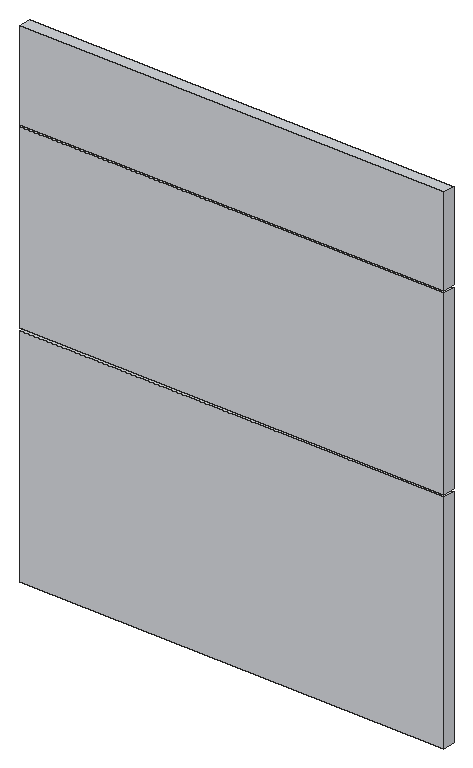
Revit family "Front - 3 Drawers", category Casework, Revit 2020
Family settings
  Work Plane-Based = No
  Always vertical = Yes
  Cut with Voids When Loaded = No
  Shared = No
  Room Calculation Point = No
Parameters (values of type "Front - 3 Drawers")
  Width = 600 mm
  Swing = yes
  Height = 704 mm
  Front Finish = none
  Depth = 16 mm
  Default Elevation = 0 mm
  Creator Organization [instance] = "© Danish Educational Content"  # constant formula
  Creator Name [instance] = "© Erik Falck Jørgensen"  # constant formula
  Creator Build [instance] = "2018.0420.0"  # constant formula
  Assembly Code = ""
Reference planes
  plane 1 "Front": y = 0
  plane 2: z = 0
  plane 3 "Center (Left/Right)": x = 0
  plane 4: x = -300
  plane 5: x = 300
  plane 6: z = 704
  plane 7: z = 576
  plane 8: z = 320
  plane 9: z = 576
  plane 10: z = 320
Forms (mm)
  Extrusion 1, solid, material <- "Front Finish"
    sketch origin (0, 0, 0) x (1, 0, 0) y (0, 0, 1)
      loop
        line (-297, 701) -> (-297, 3) -> (297, 3) -> (297, 701) -> (-297, 701)
    from 0 to 16 <- "Depth"
  Extrusion 2, void
    sketch origin (0, 0, 0) x (0, 1, 0) y (0, 0, 1)
      loop
        line (0, 577.5) -> (-16, 577.5) -> (-16, 574.5) -> (0, 574.5) -> (0, 577.5)
    from -300 to 300
  Extrusion 3, void
    sketch origin (0, 0, -256) x (0, 1, 0) y (0, 0, 1)
      loop
        line (0, 577.5) -> (-16, 577.5) -> (-16, 574.5) -> (0, 574.5) -> (0, 577.5)
    from -300 to 300
Cuts and joins
  Extrusion 2, Extrusion 3 cuts Extrusion 1
Lines and regions (mm)
  symbolic lines, style "Elevation Swing", visible <- "Swing"
    curve 1: line (-279.787, -35.011, 0) -> (279.787, -35.011, 0)
    curve 2: line (-259.597, -69.981, 0) -> (259.597, -69.981, 0)
    curve 3: line (-239.407, -104.951, 0) -> (239.407, -104.951, 0)
  symbolic lines, style "InvisibleLines"
    curve 4: line (-300, 0, 0) -> (-199.009, -174.921, 0)
    curve 5: line (300, 0, 0) -> (199.009, -174.921, 0)
  reference lines
    curve 6: line (-300, 0, 0) -> (-100, -346.41, 0)
    curve 7: line (300, 0, 0) -> (102.5, -342.08, 0)
Dimensions and locks
  equal spacing: plane 4, plane 3 "Center (Left/Right)", plane 5
  "Width": plane 4 to plane 5
  "Height": plane 6 to plane 2
  locked: Extrusion 1 sketch curve to plane 2 at 3
  locked: plane 6 to Extrusion 1 sketch curve at 3
  locked: Extrusion 1 sketch curve to plane 4 at 3
  locked: plane 5 to Extrusion 1 sketch curve at 3
  plane 6 to plane 7 to plane 8 to plane 2 = 128 mm, 256 mm, 320 mm
  equal spacing: Extrusion 2 sketch curve, plane 9, Extrusion 2 sketch curve
  locked: Extrusion 2 sketch curve to Extrusion 2 sketch curve at 3
  equal spacing: Extrusion 3 sketch curve, plane 10, Extrusion 3 sketch curve
  locked: Extrusion 3 sketch curve to Extrusion 3 sketch curve at 3
  curve 3 to curve 2 to curve 1 to plane 1 "Front" = 34.97 mm locked, 34.97 mm locked, 35.011 mm locked
  locked: plane 4 to curve 6 (angle 30.00°)
  locked: curve 7 to plane 5 (angle 30.00°)
  aligned and locked: level to plane 2
  aligned and locked: Extrusion 2 sketch curve to Extrusion 1  (x2)
  aligned and locked: plane 7 to plane 9
  aligned and locked: plane 8 to plane 10
  aligned and locked: cut or joined group of Extrusion 1, Extrusion 2, Extrusion 3 to plane 4  (x2)
  aligned: cut or joined group of Extrusion 1, Extrusion 2, Extrusion 3 to plane 4  (x2)
  aligned: plane 5 to cut or joined group of Extrusion 1, Extrusion 2, Extrusion 3  (x2)
  aligned and locked: plane 5 to cut or joined group of Extrusion 1, Extrusion 2, Extrusion 3  (x2)
  aligned and locked: curve 7 to curve 5
  aligned and locked: curve 4 to curve 6
Automatic sketch dimensions
  Extrusion 3 sketch curve to plane 1 "Front" = 0 mm
  Extrusion 3 sketch curve to Extrusion 3 sketch curve = 16 mm
  plane 1 "Front" to curve 6 = 0 mm
  curve 6 to plane 4 = 0 mm
  plane 1 "Front" to curve 7 = 0 mm
  curve 7 to plane 5 = 0 mm
  plane 1 "Front" to curve 4 = 0 mm
  plane 1 "Front" to curve 5 = 0 mm
  curve 3 to curve 4 = 40.397 mm
  curve 5 to curve 3 = 40.397 mm
